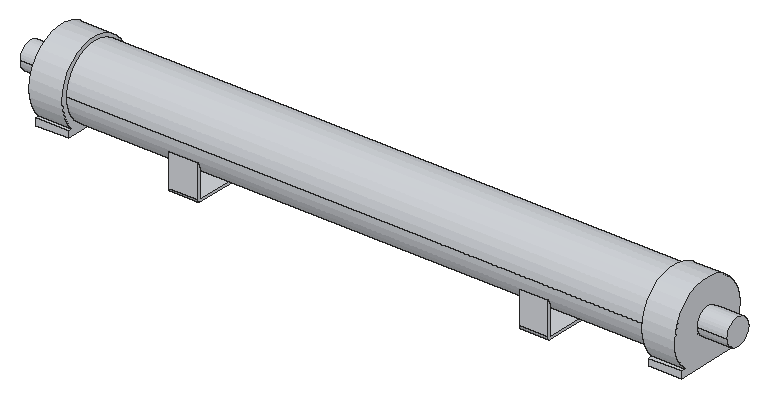
Revit family "START Waterproof Slim next gen_600", category Lighting Fixtures, host Face, Revit 2017
Family settings
  Host = Face
  Round Connector Dimension = Use Diameter
  Part Type = Normal
  OmniClass Number = 23.80.70.00
  OmniClass Title = Lighting
  Cut with Voids When Loaded = No
  Light Source = Yes
  Shared = No
  Room Calculation Point = No
Parameters (values of type "0046368 ST WTRPRF SLIM 600 IP65 2500LM 840")
  Weight = "10.32 kg"
  Wattage Comments = ""
  Wattage = 0 W
  WarrantyStartDate [instance] = "n/a"
  WarrantyGuarantorParts = "n/a"
  WarrantyDurationUnit = "n/a"
  WarrantyDurationParts = "n/a"
  WarrantyDescription = "n/a"
  built-in parameter 1150110 = 1 (stored number, unit not read)
  Voltage = 0 V
  URL = "http://www.sylvania-lighting.com"
  TypeName = "START Waterproof Slim 600 IP65 2500lm 840"
  Type Image = <None>
  Type Comments = "n/a"
  built-in parameter 1114217 = 1 (stored number, unit not read)
  Tilt Angle = -90.00°
  built-in parameter 1150109 = 1 (stored number, unit not read)
  built-in parameter 1150134 = 12
  built-in parameter 1150113 = 1 (stored number, unit not read)
  SerialNumber [instance] = "n/a"
  Photometric Web File = "0046368.ies"
  Material_3_SYL = none
  PowerFactor = 0
  PowerConsumption = "n/a"
  NominalLength = 562 mm
  NominalHeight = 64.5 mm
  NominalDepth = 67 mm
  Name = "START Waterproof Slim 600 IP65 2500lm 840"
  ModelReference = Name  # "START Waterproof Slim 600 IP65 2500lm 840"
  ModelNumber = "0046368"
  Model = Name  # "START Waterproof Slim 600 IP65 2500lm 840"
  Material = "n/a"
  ManufacturerName = "Feilo Sylvania"
  Manufacturer = "Feilo Sylvania"
  MID_W_DIST_SYL = 47 mm
  LuminousEfficacy = "132 lm/W"
  built-in parameter 1150105 = (empty or 0)
  Lumens = 0 lm
  LuminaireType = ""
  built-in parameter 1150115 = 1 (stored number, unit not read)
  LightOutputRatio = "n/a"
  built-in parameter 1150137 = (empty or 0)
  built-in parameter 1150139 = (empty or 0)
  LampsType = Lamp  # "LED"
  LampNominalLuminous = "2500 lm"
  LampMacAdamStep = "n/a"
  LampColourTemperature = "4000 K"
  LampColourRenderingIndex = "80"
  built-in parameter 1150112 = 1 (stored number, unit not read)
  built-in parameter 1150114 = 1 (stored number, unit not read)
  Lamp = "LED"
  LENGHT_-1_SYL = (-1) * (LENGHT1_SYL)  # -265 mm
  LENGHT1_SYL = 265 mm
  LAM_D_SYL = 32.5 mm
  Keynote = "16500"
  InstallationDate [instance] = "n/a"
  InputVoltage = "n/a"
  InputNominalFrequency = "n/a"
  built-in parameter 1150132 = (empty or 0)
  built-in parameter 1150102 = (empty or 0)
  built-in parameter 1150107 = 4000 (stored number, unit not read)
  built-in parameter 1150138 = (empty or 0)
  IngressProtection = "IP65"
  ImpactProtectionIndex = "IK08"
  built-in parameter 1150106 = (empty or 0)
  IfcExportType = "IfcLightFixtureType"
  IfcExportAs = "IfcLightFixtureType"
  Emit from Circle Diameter = 609.6 mm
  Emit Shape Visible in Rendering = no
  ElectricShockClassification = "Class I"
  built-in parameter 1150104 = 12.263 (stored number, unit not read)
  DocumentationLiterature = "http://www.sylvania-lighting.com/product/en-int/products/0046368"
  DimmingControlOptions = "n/a"
  Material_2_SYL = none
  Dimming Lamp Color Temperature Shift = <None>
  Description = "START Waterproof Slim is a LED integrated polycarbonate housing luminaire with easy to access electrical terminal through bayonet lock end caps and tool-free electrical connection due to push-in terminal. Flexible installation as mounting brackets can be positioned freely on the luminaire. 19W; 2500lm; High efficiency with 132lm/W and 100,000 hours lifespan L70B50. SDCM < 5; IP65; IK08; Class I; 646mm x 70mm x 69mm."
  Default Elevation = 1219.2 mm
  CreatedOn = "5/11/2021"
  CreatedBy = "@sylvania-lighting.com"
  Cost = 0
  Color Filter = 16777215
  built-in parameter 1114216 [instance] = (empty or 0)
  ClassificationValue = "EF_70_80"
  ClassificationName = "Uniclass2015"
  Material_1_SYL = none
  BarCode [instance] = "n/a"
  built-in parameter 1114218 = 1 (stored number, unit not read)
  built-in parameter 1150133 = 10 (stored number, unit not read)
  AssetType = "Fixed"
  AssetIdentifier [instance] = "n/a"
  Assembly Code = "D5020200"
  Apparent Load = 0 VA
  Material_4_SYL = none
Types (2, lengths in mm): name | TypeName | built-in parameter 1150134 | Photometric Web File | Name | ModelReference | ModelNumber | Model | LampColourTemperature | built-in parameter 1150107 | DocumentationLiterature
  0046368 ST WTRPRF SLIM 600 IP65 2500LM 840 | "START Waterproof Slim 600 IP65 2500lm 840" | 12 | "0046368.ies" | "START Waterproof Slim 600 IP65 2500lm 840" | "START Waterproof Slim 600 IP65 2500lm 840" | "0046368" | "START Waterproof Slim 600 IP65 2500lm 840" | "4000 K" | 4000 (stored number, unit not read) | "http://www.sylvania-lighting.com/product/en-int/products/0046368"
  0046373 ST WTRPRF SLIM 600 IP65 2500LM 865 | "START Waterproof Slim 600 IP65 2500lm 865" | 1 | "0046373.ies" | "START Waterproof Slim 600 IP65 2500lm 865" | "START Waterproof Slim 600 IP65 2500lm 865" | "0046373" | "START Waterproof Slim 600 IP65 2500lm 865" | "6500 K" | 6500 (stored number, unit not read) | "http://www.sylvania-lighting.com/product/en-int/products/0046373"
Reference planes
  plane 1 "Center (Front/Back)": y = 0
  plane 2: z = 0
  plane 3 "Center (Left/Right)": x = 0
  plane 4: z = 47
  plane 5: z = 79.5
  plane 6: z = 12
  plane 7: y = 35
  plane 8: y = -35
  plane 9: z = 82
  plane 10: y = 29.5
  plane 11: y = -29.5
  plane 12: z = 18
  plane 13: y = 25.5
  plane 14: y = -25.5
  plane 15: z = 2
  plane 16: y = -27.5
  plane 17: y = 27.5
  plane 18: z = 59
  plane 19: x = 319
Forms (mm)
  Extrusion 1, solid
    sketch origin (319, 1524, 1219.2) x (0, 1, 0) y (0, 0, 1)
      loop
        circle (-1524, -1172.2) r 32.5
    from -265 <- "LENGHT_-1_SYL" to 265 <- "LENGHT1_SYL"
  Extrusion 2, solid
    sketch origin (319, 1524, 1219.2) x (0, 1, 0) y (0, 0, 1)
      loop
        arc (-1498.5, -1201.2) -> (-1524, -1137.2) -> (-1549.5, -1201.2) r 37.08
        line (-1549.5, -1201.2) -> (-1553.5, -1201.2) -> (-1553.5, -1207.2) -> (-1494.5, -1207.2) -> (-1494.5, -1201.2) -> (-1498.5, -1201.2)
    from -295 to -265
  Extrusion 3, solid
    sketch origin (319, 1524, 1219.2) x (0, 1, 0) y (0, 0, 1)
      loop
        line (-1494.5, -1184.388) -> (-1496.5, -1184.388) -> (-1496.5, -1215.2)
        arc (-1496.5, -1215.2) -> (-1497.086, -1216.614) -> (-1498.5, -1217.2) r 2
        line (-1498.5, -1217.2) -> (-1549.5, -1217.2)
        arc (-1549.5, -1217.2) -> (-1550.914, -1216.614) -> (-1551.5, -1215.2) r 2
        line (-1551.5, -1215.2) -> (-1551.5, -1184.388) -> (-1553.5, -1184.388) -> (-1553.5, -1216.2)
        arc (-1553.5, -1216.2) -> (-1552.621, -1218.321) -> (-1550.5, -1219.2) r 3
        line (-1550.5, -1219.2) -> (-1497.5, -1219.2)
        arc (-1497.5, -1219.2) -> (-1495.379, -1218.321) -> (-1494.5, -1216.2) r 3
        line (-1494.5, -1216.2) -> (-1494.5, -1184.388)
    from -173 to -147
  Extrusion 4, solid
    sketch origin (0, 0, 0) x (0, 1, 0) y (0, 0, 1)
      loop
        circle (0, 47) r 12
    from -4 to 642
  Extrusion 5, solid
    sketch origin (319, 1524, 1219.2) x (0, 1, 0) y (0, 0, -1)
      loop
        line (-1498.5, 1201.2) -> (-1494.5, 1201.2) -> (-1494.5, 1207.2) -> (-1553.5, 1207.2) -> (-1553.5, 1201.2) -> (-1549.5, 1201.2)
        arc (-1549.5, 1201.2) -> (-1524, 1137.2) -> (-1498.5, 1201.2) r 37.08
    from -295 to -265
  Extrusion 6, solid
    sketch origin (319, 1524, 1219.2) x (0, 1, 0) y (0, 0, -1)
      loop
        line (-1494.5, 1184.388) -> (-1494.5, 1216.2)
        arc (-1494.5, 1216.2) -> (-1495.379, 1218.321) -> (-1497.5, 1219.2) r 3
        line (-1497.5, 1219.2) -> (-1550.5, 1219.2)
        arc (-1550.5, 1219.2) -> (-1552.621, 1218.321) -> (-1553.5, 1216.2) r 3
        line (-1553.5, 1216.2) -> (-1553.5, 1184.388) -> (-1551.5, 1184.388) -> (-1551.5, 1215.2)
        arc (-1551.5, 1215.2) -> (-1550.914, 1216.614) -> (-1549.5, 1217.2) r 2
        line (-1549.5, 1217.2) -> (-1498.5, 1217.2)
        arc (-1498.5, 1217.2) -> (-1497.086, 1216.614) -> (-1496.5, 1215.2) r 2
        line (-1496.5, 1215.2) -> (-1496.5, 1184.388) -> (-1494.5, 1184.388)
    from -173 to -147
Dimensions and locks
  "MID_W_DIST_SYL": plane 4 to host face
  "LAM_D_SYL": plane 4 to plane 5
  aligned and locked: plane 2 to host face
  aligned and locked: level to host face
  aligned and locked: Extrusion 2 to Extrusion 1
Automatic sketch dimensions
  host sketch curve to host sketch curve = 2438.4 mm  (x2)
  Extrusion 1 sketch curve to plane 1 "Center (Front/Back)" = 0 mm
  plane 4 to Extrusion 1 sketch curve = 0 mm
  plane 6 to Extrusion 2 sketch curve = 0 mm
  Extrusion 2 sketch curve to plane 11 = 0 mm
  plane 12 to Extrusion 2 sketch curve = 0 mm  (x2)
  Extrusion 2 sketch curve to plane 14 = 0 mm
  Extrusion 2 sketch curve to plane 1 "Center (Front/Back)" = 0 mm
  Extrusion 2 sketch curve to plane 10 = 0 mm
  plane 4 to Extrusion 2 sketch curve = 2.08 mm
  Extrusion 3 sketch curve to plane 11 = 0 mm
  Extrusion 3 sketch curve to plane 16 = 0 mm
  Extrusion 3 sketch curve to level = 0 mm
  Extrusion 3 sketch curve to plane 14 = 0 mm
  Extrusion 3 sketch curve to plane 13 = 0 mm
  Extrusion 3 sketch curve to plane 17 = 0 mm
  Extrusion 3 sketch curve to plane 10 = 0 mm
  plane 15 to Extrusion 3 sketch curve = 0 mm
  plane 14 to Extrusion 3 sketch curve = 1 mm
  Extrusion 3 sketch curve to plane 13 = 1 mm
  plane 4 to Extrusion 3 sketch curve = 12.187 mm
  plane 4 to Extrusion 3 sketch curve = 12.188 mm
  Extrusion 4 sketch curve to plane 1 "Center (Front/Back)" = 0 mm
  plane 4 to Extrusion 4 sketch curve = 0 mm
  plane 6 to Extrusion 5 sketch curve = 0 mm
  Extrusion 5 sketch curve to plane 11 = 0 mm
  plane 12 to Extrusion 5 sketch curve = 0 mm  (x2)
  Extrusion 5 sketch curve to plane 14 = 0 mm
  Extrusion 5 sketch curve to plane 1 "Center (Front/Back)" = 0 mm
  Extrusion 5 sketch curve to plane 10 = 0 mm
  plane 4 to Extrusion 5 sketch curve = 2.08 mm
  Extrusion 6 sketch curve to plane 11 = 0 mm
  Extrusion 6 sketch curve to plane 16 = 0 mm
  Extrusion 6 sketch curve to level = 0 mm
  Extrusion 6 sketch curve to plane 14 = 0 mm
  Extrusion 6 sketch curve to plane 13 = 0 mm
  Extrusion 6 sketch curve to plane 17 = 0 mm
  Extrusion 6 sketch curve to plane 10 = 0 mm
  plane 15 to Extrusion 6 sketch curve = 0 mm
  plane 14 to Extrusion 6 sketch curve = 1 mm
  Extrusion 6 sketch curve to plane 13 = 1 mm
  plane 4 to Extrusion 6 sketch curve = 12.187 mm
  plane 4 to Extrusion 6 sketch curve = 12.188 mm
  radius of Extrusion 1 sketch curve = 32.5 mm
  radius of Extrusion 4 sketch curve = 12 mm
Connectors
  electrical at (-4, 0, 47)
    settings: on Extrusion 4, index 1, voltage 0 V, apparent load 0 VA, apparent load phase1 0 VA, apparent load phase2 0 VA, apparent load phase3 0 VA, power factor 1, load classification "Other", number of poles 1, system type 31, power factor state 1, is connector primary yes, connector utility no, sub classification motor no, connector description ""
